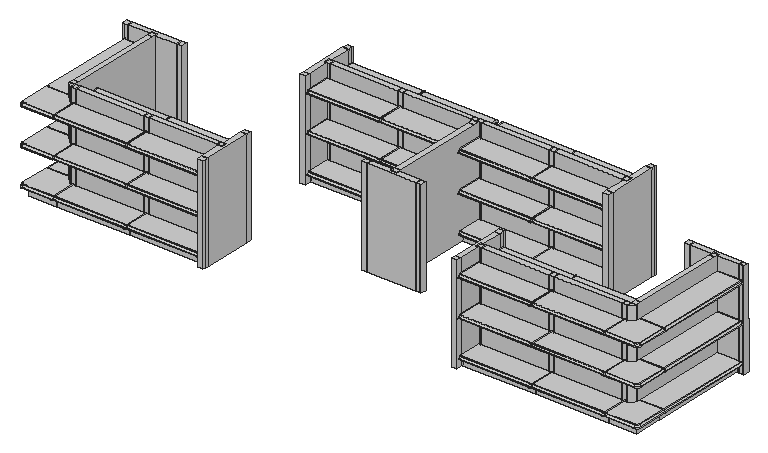
Revit family "QF_ConfigurationA", category Specialty Equipment, Revit 2012 (continued)
Definition of nested family "TL1"
  Automatic sketch dimensions
    Extrusion 13 sketch curve to plane 12 = 0' - 0"
    Extrusion 13 sketch curve to plane 11 "4th shelf" = 0' - 0"
    Extrusion 13 sketch curve to plane 5 = 0' - 0"
    plane 11 "4th shelf" to Extrusion 13 sketch curve = 0' - 0.10284"
    Extrusion 13 sketch curve to plane 12 = 0' - 0.86011"
    plane 12 to Extrusion 13 sketch curve = 0' - 0 1/4"
    plane 12 to Extrusion 13 sketch curve = 0' - 0 3/4"
    Extrusion 13 sketch curve to Extrusion 13 sketch curve = 0' - 0 5/8"
    Extrusion 13 sketch curve to Extrusion 13 sketch curve = 0' - 0 1/8"  (x2)
    Extrusion 13 sketch curve to plane 11 "4th shelf" = 0' - 0 1/8"
    Extrusion 13 sketch curve to Extrusion 13 sketch curve = 0' - 0 1/4"
    Extrusion 14 sketch curve to plane 12 = 0' - 0"
    Extrusion 14 sketch curve to plane 11 "4th shelf" = 0' - 0"
    Extrusion 14 sketch curve to plane 5 = 0' - 0"
    plane 11 "4th shelf" to Extrusion 14 sketch curve = 0' - 0.22784"
    Extrusion 14 sketch curve to plane 12 = 0' - 1.11011"
    plane 12 to Extrusion 14 sketch curve = 0' - 0 5/8"
    Extrusion 14 sketch curve to Extrusion 14 sketch curve = 0' - 0 1/8"  (x2)
    plane 12 to Extrusion 14 sketch curve = 0' - 0 7/8"
    Extrusion 14 sketch curve to Extrusion 14 sketch curve = 0' - 0 3/4"
    Extrusion 14 sketch curve to Extrusion 14 sketch curve = 0' - 0 1/4"  (x2)
    Extrusion 14 sketch curve to plane 11 "4th shelf" = 0' - 0 1/2"  (x3)
    Extrusion 14 sketch curve to Extrusion 14 sketch curve = 0' - 2"
    plane 5 to Extrusion 14 sketch curve = 0' - 1 1/8"
    Extrusion 14 sketch curve to Extrusion 14 sketch curve = 0' - 0"
    Extrusion 14 sketch curve to Extrusion 14 sketch curve = 0' - 2 1/4"
    Extrusion 15 sketch curve to plane 18 = 0' - 0"
    Extrusion 15 sketch curve to level = 0' - 0"
    Extrusion 15 sketch curve to plane 4 = 0' - 0"
    plane 18 to Extrusion 15 sketch curve = 0' - 0.84305"
    Extrusion 15 sketch curve to plane 18 = 0' - 0 1/8"
    Extrusion 15 sketch curve to plane 18 = 0' - 0.74861"
    Extrusion 15 sketch curve to Extrusion 15 sketch curve = 0' - 0.12639"
    Extrusion 15 sketch curve to Extrusion 15 sketch curve = 0' - 0"  (x2)
    Extrusion 15 sketch curve to plane 18 = 0' - 2 7/8"
    Extrusion 15 sketch curve to level = 0' - 4 1/8"
    Extrusion 15 sketch curve to Extrusion 15 sketch curve = 0' - 0 1/8"  (x3)
    Extrusion 15 sketch curve to Extrusion 15 sketch curve = 0' - 1"
    Extrusion 16 sketch curve to plane 18 = 0' - 0"
    Extrusion 16 sketch curve to plane 8 "1st shelf" = 0' - 0"
    Extrusion 16 sketch curve to plane 4 = 0' - 0"
    Extrusion 16 sketch curve to plane 8 "1st shelf" = 0' - 0.22784"
    plane 18 to Extrusion 16 sketch curve = 0' - 1.11011"
    Extrusion 16 sketch curve to plane 18 = 0' - 0 5/8"
    Extrusion 16 sketch curve to Extrusion 16 sketch curve = 0' - 0 1/8"  (x2)
    Extrusion 16 sketch curve to Extrusion 16 sketch curve = 0' - 0 7/8"
    Extrusion 16 sketch curve to Extrusion 16 sketch curve = 0' - 0 3/4"
    Extrusion 16 sketch curve to Extrusion 16 sketch curve = 0' - 0 1/4"  (x2)
    plane 8 "1st shelf" to Extrusion 16 sketch curve = 0' - 0 1/2"  (x2)
    Extrusion 16 sketch curve to Extrusion 16 sketch curve = 0' - 2"
    Extrusion 16 sketch curve to plane 4 = 0' - 1 1/8"
    Extrusion 16 sketch curve to Extrusion 16 sketch curve = 0' - 0"
    Extrusion 16 sketch curve to Extrusion 16 sketch curve = 0' - 2 1/4"
    plane 8 "1st shelf" to Extrusion 16 sketch curve = 0' - 0 5/8"
    Extrusion 17 sketch curve to plane 8 "1st shelf" = 0' - 0"
    Extrusion 17 sketch curve to plane 4 = 0' - 0"
    Extrusion 17 sketch curve to plane 18 = 0' - 0 7/8"  (x2)
    plane 8 "1st shelf" to Extrusion 17 sketch curve = 0' - 0 1/8"
    Extrusion 17 sketch curve to Extrusion 17 sketch curve = 0' - 0 1/8"  (x3)
    Extrusion 17 sketch curve to plane 18 = 0' - 0 1/4"
    Extrusion 17 sketch curve to plane 18 = 0' - 0 1/8"
    Extrusion 17 sketch curve to plane 8 "1st shelf" = 0' - 0.10284"
    plane 18 to Extrusion 17 sketch curve = 0' - 0.86011"
    Extrusion 18 sketch curve to plane 18 = 0' - 0"
    Extrusion 18 sketch curve to plane 8 "1st shelf" = 0' - 0"
    Extrusion 18 sketch curve to plane 4 = 0' - 0"
    plane 8 "1st shelf" to Extrusion 18 sketch curve = 0' - 0.22784"
    Extrusion 18 sketch curve to plane 18 = 0' - 1.11011"
    plane 18 to Extrusion 18 sketch curve = 0' - 0 5/8"
    Extrusion 18 sketch curve to Extrusion 18 sketch curve = 0' - 0 1/8"  (x2)
    Extrusion 18 sketch curve to Extrusion 18 sketch curve = 0' - 0 7/8"
    Extrusion 18 sketch curve to Extrusion 18 sketch curve = 0' - 0 3/4"
    Extrusion 18 sketch curve to Extrusion 18 sketch curve = 0' - 0 1/4"  (x2)
    Extrusion 18 sketch curve to plane 8 "1st shelf" = 0' - 0 1/2"  (x2)
    Extrusion 18 sketch curve to Extrusion 18 sketch curve = 0' - 2"
    plane 4 to Extrusion 18 sketch curve = 0' - 1 1/8"
    Extrusion 18 sketch curve to Extrusion 18 sketch curve = 0' - 0"
    Extrusion 18 sketch curve to Extrusion 18 sketch curve = 0' - 2 1/4"
    Extrusion 18 sketch curve to plane 8 "1st shelf" = 0' - 0 5/8"
    Extrusion 19 sketch curve to plane 18 = 0' - 0"
    Extrusion 19 sketch curve to plane 9 "2nd shelf" = 0' - 0"
    Extrusion 19 sketch curve to plane 4 = 0' - 0"
    Extrusion 19 sketch curve to plane 9 "2nd shelf" = 0' - 0.22784"
    plane 18 to Extrusion 19 sketch curve = 0' - 1.11011"
    Extrusion 19 sketch curve to plane 18 = 0' - 0 5/8"
    Extrusion 19 sketch curve to Extrusion 19 sketch curve = 0' - 0 1/8"  (x2)
    Extrusion 19 sketch curve to Extrusion 19 sketch curve = 0' - 0 7/8"
    Extrusion 19 sketch curve to Extrusion 19 sketch curve = 0' - 0 3/4"
    Extrusion 19 sketch curve to Extrusion 19 sketch curve = 0' - 0 1/4"  (x2)
    plane 9 "2nd shelf" to Extrusion 19 sketch curve = 0' - 0 1/2"  (x2)
    Extrusion 19 sketch curve to Extrusion 19 sketch curve = 0' - 2"
    Extrusion 19 sketch curve to plane 4 = 0' - 1 1/8"
    Extrusion 19 sketch curve to Extrusion 19 sketch curve = 0' - 0"
    Extrusion 19 sketch curve to Extrusion 19 sketch curve = 0' - 2 1/4"
    plane 9 "2nd shelf" to Extrusion 19 sketch curve = 0' - 0 5/8"
    Extrusion 20 sketch curve to plane 18 = 0' - 0"
    Extrusion 20 sketch curve to plane 9 "2nd shelf" = 0' - 0"
    Extrusion 20 sketch curve to plane 4 = 0' - 0"
    Extrusion 20 sketch curve to plane 9 "2nd shelf" = 0' - 0.10284"
    plane 18 to Extrusion 20 sketch curve = 0' - 0.86011"
    Extrusion 20 sketch curve to plane 18 = 0' - 0 1/4"
    Extrusion 20 sketch curve to plane 18 = 0' - 0 3/4"
    Extrusion 20 sketch curve to Extrusion 20 sketch curve = 0' - 0 5/8"
    Extrusion 20 sketch curve to Extrusion 20 sketch curve = 0' - 0 1/8"  (x2)
    plane 9 "2nd shelf" to Extrusion 20 sketch curve = 0' - 0 1/8"
    Extrusion 20 sketch curve to Extrusion 20 sketch curve = 0' - 0 1/4"
    Extrusion 21 sketch curve to plane 18 = 0' - 0"
    Extrusion 21 sketch curve to plane 9 "2nd shelf" = 0' - 0"
    Extrusion 21 sketch curve to plane 4 = 0' - 0"
    plane 9 "2nd shelf" to Extrusion 21 sketch curve = 0' - 0.22784"
    Extrusion 21 sketch curve to plane 18 = 0' - 1.11011"
    plane 18 to Extrusion 21 sketch curve = 0' - 0 5/8"
    Extrusion 21 sketch curve to Extrusion 21 sketch curve = 0' - 0 1/8"  (x2)
    Extrusion 21 sketch curve to Extrusion 21 sketch curve = 0' - 0 7/8"
    Extrusion 21 sketch curve to Extrusion 21 sketch curve = 0' - 0 3/4"
    Extrusion 21 sketch curve to Extrusion 21 sketch curve = 0' - 0 1/4"  (x2)
    Extrusion 21 sketch curve to plane 9 "2nd shelf" = 0' - 0 1/2"  (x2)
    Extrusion 21 sketch curve to Extrusion 21 sketch curve = 0' - 2"
    plane 4 to Extrusion 21 sketch curve = 0' - 1 1/8"
    Extrusion 21 sketch curve to Extrusion 21 sketch curve = 0' - 0"
    Extrusion 21 sketch curve to Extrusion 21 sketch curve = 0' - 2 1/4"
    Extrusion 21 sketch curve to plane 9 "2nd shelf" = 0' - 0 5/8"
    Extrusion 22 sketch curve to plane 18 = 0' - 0"
    Extrusion 22 sketch curve to plane 10 "3rd shelf" = 0' - 0"
    Extrusion 22 sketch curve to plane 4 = 0' - 0"
    Extrusion 22 sketch curve to plane 10 "3rd shelf" = 0' - 0.22784"
    plane 18 to Extrusion 22 sketch curve = 0' - 1.11011"
    Extrusion 22 sketch curve to plane 18 = 0' - 0 5/8"
    Extrusion 22 sketch curve to Extrusion 22 sketch curve = 0' - 0 1/8"  (x2)
    Extrusion 22 sketch curve to Extrusion 22 sketch curve = 0' - 0 7/8"
    Extrusion 22 sketch curve to Extrusion 22 sketch curve = 0' - 0 3/4"
    Extrusion 22 sketch curve to Extrusion 22 sketch curve = 0' - 0 1/4"  (x2)
    plane 10 "3rd shelf" to Extrusion 22 sketch curve = 0' - 0 1/2"  (x2)
    Extrusion 22 sketch curve to Extrusion 22 sketch curve = 0' - 2"
    Extrusion 22 sketch curve to plane 4 = 0' - 1 1/8"
    Extrusion 22 sketch curve to Extrusion 22 sketch curve = 0' - 0"
    Extrusion 22 sketch curve to Extrusion 22 sketch curve = 0' - 2 1/4"
    plane 10 "3rd shelf" to Extrusion 22 sketch curve = 0' - 0 5/8"
    Extrusion 23 sketch curve to plane 18 = 0' - 0"
    Extrusion 23 sketch curve to plane 10 "3rd shelf" = 0' - 0"
    Extrusion 23 sketch curve to plane 4 = 0' - 0"
    Extrusion 23 sketch curve to plane 10 "3rd shelf" = 0' - 0.10284"
    plane 18 to Extrusion 23 sketch curve = 0' - 0.86011"
    Extrusion 23 sketch curve to plane 18 = 0' - 0 1/4"
    Extrusion 23 sketch curve to plane 18 = 0' - 0 3/4"
    Extrusion 23 sketch curve to Extrusion 23 sketch curve = 0' - 0 5/8"
    Extrusion 23 sketch curve to Extrusion 23 sketch curve = 0' - 0 1/8"  (x2)
    plane 10 "3rd shelf" to Extrusion 23 sketch curve = 0' - 0 1/8"
    Extrusion 23 sketch curve to Extrusion 23 sketch curve = 0' - 0 1/4"
    Extrusion 24 sketch curve to plane 18 = 0' - 0"
    Extrusion 24 sketch curve to plane 10 "3rd shelf" = 0' - 0"
    Extrusion 24 sketch curve to plane 4 = 0' - 0"
    plane 10 "3rd shelf" to Extrusion 24 sketch curve = 0' - 0.22784"
    Extrusion 24 sketch curve to plane 18 = 0' - 1.11011"
    plane 18 to Extrusion 24 sketch curve = 0' - 0 5/8"
    Extrusion 24 sketch curve to Extrusion 24 sketch curve = 0' - 0 1/8"  (x2)
    Extrusion 24 sketch curve to Extrusion 24 sketch curve = 0' - 0 7/8"
    Extrusion 24 sketch curve to Extrusion 24 sketch curve = 0' - 0 3/4"
    Extrusion 24 sketch curve to Extrusion 24 sketch curve = 0' - 0 1/4"  (x2)
    Extrusion 24 sketch curve to plane 10 "3rd shelf" = 0' - 0 1/2"  (x2)
    Extrusion 24 sketch curve to Extrusion 24 sketch curve = 0' - 2"
    plane 4 to Extrusion 24 sketch curve = 0' - 1 1/8"
    Extrusion 24 sketch curve to Extrusion 24 sketch curve = 0' - 0"
    Extrusion 24 sketch curve to Extrusion 24 sketch curve = 0' - 2 1/4"
    Extrusion 24 sketch curve to plane 10 "3rd shelf" = 0' - 0 5/8"
    Extrusion 25 sketch curve to plane 18 = 0' - 0"
    Extrusion 25 sketch curve to plane 11 "4th shelf" = 0' - 0"
    Extrusion 25 sketch curve to plane 4 = 0' - 0"
    Extrusion 25 sketch curve to plane 11 "4th shelf" = 0' - 0.22784"
    plane 18 to Extrusion 25 sketch curve = 0' - 1.11011"
    Extrusion 25 sketch curve to plane 18 = 0' - 0 5/8"
    Extrusion 25 sketch curve to Extrusion 25 sketch curve = 0' - 0 1/8"  (x2)
    Extrusion 25 sketch curve to plane 18 = 0' - 0 7/8"
    Extrusion 25 sketch curve to Extrusion 25 sketch curve = 0' - 0 3/4"
    Extrusion 25 sketch curve to Extrusion 25 sketch curve = 0' - 0 1/4"  (x2)
    plane 11 "4th shelf" to Extrusion 25 sketch curve = 0' - 0 1/2"  (x2)
    Extrusion 25 sketch curve to Extrusion 25 sketch curve = 0' - 2"
    Extrusion 25 sketch curve to plane 4 = 0' - 1 1/8"
    Extrusion 25 sketch curve to Extrusion 25 sketch curve = 0' - 0"
    Extrusion 25 sketch curve to Extrusion 25 sketch curve = 0' - 2 1/4"
    plane 11 "4th shelf" to Extrusion 25 sketch curve = 0' - 0 5/8"
    Extrusion 26 sketch curve to plane 18 = 0' - 0"
    Extrusion 26 sketch curve to plane 11 "4th shelf" = 0' - 0"
    Extrusion 26 sketch curve to plane 4 = 0' - 0"
    Extrusion 26 sketch curve to plane 11 "4th shelf" = 0' - 0.10284"
    plane 18 to Extrusion 26 sketch curve = 0' - 0.86011"
    Extrusion 26 sketch curve to plane 18 = 0' - 0 1/4"
    Extrusion 26 sketch curve to plane 18 = 0' - 0 3/4"
    Extrusion 26 sketch curve to Extrusion 26 sketch curve = 0' - 0 5/8"
    Extrusion 26 sketch curve to Extrusion 26 sketch curve = 0' - 0 1/8"  (x2)
    plane 11 "4th shelf" to Extrusion 26 sketch curve = 0' - 0 1/8"
    Extrusion 26 sketch curve to Extrusion 26 sketch curve = 0' - 0 1/4"
    Extrusion 27 sketch curve to plane 18 = 0' - 0"
    Extrusion 27 sketch curve to plane 11 "4th shelf" = 0' - 0"
    Extrusion 27 sketch curve to plane 4 = 0' - 0"
    plane 11 "4th shelf" to Extrusion 27 sketch curve = 0' - 0.22784"
    Extrusion 27 sketch curve to plane 18 = 0' - 1.11011"
    plane 18 to Extrusion 27 sketch curve = 0' - 0 5/8"
    Extrusion 27 sketch curve to Extrusion 27 sketch curve = 0' - 0 1/8"  (x2)
    plane 18 to Extrusion 27 sketch curve = 0' - 0 7/8"
    Extrusion 27 sketch curve to Extrusion 27 sketch curve = 0' - 0 3/4"
    Extrusion 27 sketch curve to Extrusion 27 sketch curve = 0' - 0 1/4"  (x2)
    Extrusion 27 sketch curve to plane 11 "4th shelf" = 0' - 0 1/2"  (x2)
    Extrusion 27 sketch curve to Extrusion 27 sketch curve = 0' - 2"
    plane 4 to Extrusion 27 sketch curve = 0' - 1 1/8"
    Extrusion 27 sketch curve to Extrusion 27 sketch curve = 0' - 0"
    Extrusion 27 sketch curve to Extrusion 27 sketch curve = 0' - 2 1/4"
    Extrusion 27 sketch curve to plane 11 "4th shelf" = 0' - 0 5/8"
    Extrusion 1 sketch curve to level = 0' - 0"
    Extrusion 1 sketch curve to plane 6 = 0' - 0"  (x2)
    plane 13 to Extrusion 1 sketch curve = 0' - 0"
    plane 6 to Extrusion 1 sketch curve = 0' - 0"
    plane 14 to Extrusion 1 sketch curve = 0' - 0"
    plane 13 to Extrusion 1 sketch curve = 0' - 1 1/4"
    plane 15 to Extrusion 1 sketch curve = 0' - 1 1/8"  (x2)
    Extrusion 1 sketch curve to Extrusion 1 sketch curve = 0' - 0.0315"
    plane 16 to Extrusion 1 sketch curve = 0' - 1.15576"
    level to Extrusion 1 sketch curve = 0' - 0 1/32"  (x2)
    Extrusion 1 sketch curve to Extrusion 1 sketch curve = 0' - 0.03076"
    Extrusion 1 sketch curve to plane 14 = 0' - 1 1/4"
    Extrusion 1 to Split face 1 sketch curve = 0' - 0"
    Split face 1 sketch curve to Extrusion 1 = 0' - 0"  (x4)
    Extrusion 1 to Split face 2 sketch curve = 0' - 0"
    Split face 2 sketch curve to Extrusion 1 = 0' - 0"  (x4)
    radius of Extrusion 3 sketch curve = 0' - 0 1/8"  (x2)
    radius of Extrusion 5 sketch curve = 0' - 0 1/8"  (x2)
    radius of Extrusion 6 sketch curve = 0' - 0 1/8"  (x2)
    radius of Extrusion 8 sketch curve = 0' - 0 1/8"  (x2)
    radius of Extrusion 9 sketch curve = 0' - 0 1/8"  (x2)
    radius of Extrusion 11 sketch curve = 0' - 0 1/8"  (x2)
    radius of Extrusion 12 sketch curve = 0' - 0 1/8"  (x2)
    radius of Extrusion 14 sketch curve = 0' - 0 1/8"  (x2)
    radius of Extrusion 16 sketch curve = 0' - 0 1/8"  (x2)
    radius of Extrusion 18 sketch curve = 0' - 0 1/8"  (x2)
    radius of Extrusion 19 sketch curve = 0' - 0 1/8"  (x2)
    radius of Extrusion 21 sketch curve = 0' - 0 1/8"  (x2)
    radius of Extrusion 22 sketch curve = 0' - 0 1/8"  (x2)
    radius of Extrusion 24 sketch curve = 0' - 0 1/8"  (x2)
    radius of Extrusion 25 sketch curve = 0' - 0 1/8"  (x2)
    radius of Extrusion 27 sketch curve = 0' - 0 1/8"  (x2)
Definition of nested family "TL2"
  Parameters (values of type "Maxi Line Add-On (Default)")
    Width = 3' - 0"
    "Front" Base Shelf [instance] = yes
    "Front" Shelf 2' [instance] = yes
    "Front" Shelf 3' - 6" [instance] = yes
    "Front" Shelf 5' [instance] = no
    "Front" Shelf 6' - 6" [instance] = no
    "Back" Base Shelf [instance] = yes
    "Back" Shelf 2' [instance] = yes
    "Back" Shelf 3' - 6" [instance] = yes
    "Front" Shelf Depth = 1' - 0"
    "Back" Shelf 5' [instance] = no
    "Back" Shelf Depth = 1' - 0"
    Upright Height = 4' - 0"
    "Back" Shelf 6' - 6" [instance] = no
  Reference planes (in)
    plane 1 "Center (Front/Back)": y = 0
    plane 2: z = 0
    plane 3 "Center (Left/Right)": x = 0
    plane 4: y = 1.375
    plane 5: y = -1.375
    plane 6: z = 48
    plane 7: z = 0
    plane 8 "1st shelf": z = 23.5
    plane 9 "2nd shelf": z = 41.5
    plane 10 "3rd shelf": z = 59.5
    plane 11 "4th shelf": z = 77.5
    plane 12: y = -14.25
    plane 13: x = -18
    plane 14: x = 18
    plane 15: x = -17.875
    plane 16: x = 17.875
    plane 17: z = 41.5
    plane 18: y = 14.25
    plane 19: y = 13.375
    plane 20: y = -13.375
  Forms (in)
    Extrusion 1, solid, material "Metal - Steel"
      sketch origin (-24, 1.375, 0) x (1, 0, 0) y (0, 0, 1)
        loop
          line (42, 0) -> (43.25, 0) -> (43.25, 48) -> (40.75, 48) -> (40.75, 0.03125) -> (40.71924, 0.03125) -> (40.71924, 48) -> (7.25, 48) -> (7.25, 0) -> (42, 0)
      from 0 to 2.75
    Extrusion 2, solid, material "Metal - Steel", visible <- ""Front" Base Shelf"
      sketch origin (0, 10, 0) x (0, 1, 0) y (0, 0, 1)
        loop
          line (-11.375, 0) -> (-11.375, 5.5) -> (-23.375, 5.5) -> (-23.50139, 5.5) -> (-23.50139, 5.375) -> (-23.375, 5.375)
          arc (-23.375, 5.375) -> (-23.63696, 4.73714) -> (-24.125, 4.25) r 1.75
          line (-24.125, 4.25) -> (-24.125, 4.375) -> (-24.25, 4.375) -> (-24.25, 4.25) -> (-24.25, 4.125) -> (-21.375, 4.125) -> (-21.375, 0) -> (-11.375, 0)
      from -18 to 18
    Extrusion 3, solid, material "Metal - Steel", visible <- ""Front" Shelf 2'"
      sketch origin (0, 0, 0) x (0, 1, 0) y (0, 0, 1)
        loop
          line (-1.375, 23.5) -> (-13.5, 23.5) -> (-13.625, 23.5)
          arc (-13.625, 23.5) -> (-13.83033, 22.87796) -> (-14.25, 22.375) r 1.75
          line (-14.25, 22.375) -> (-14.25, 22.125) -> (-13.375, 22.125) -> (-13.375, 22.375) -> (-12.625, 23) -> (-12.375, 23) -> (-12.375, 22.875) -> (-1.375, 20.75) -> (-1.375, 23.5)
        loop
          circle (-10.375, 23) r 0.125
        loop
          circle (-2.5, 23) r 0.125
      from -18 to -17.875
    Extrusion 4, solid, material "Metal - Steel", visible <- ""Front" Shelf 2'"
      sketch origin (0, 0, 0) x (0, 1, 0) y (0, 0, 1)
        loop
          line (-13.5, 23.5) -> (-13.5, 23.375) -> (-13.375, 23.375)
          arc (-13.375, 23.375) -> (-13.58033, 22.75296) -> (-14, 22.25) r 1.75
          line (-14, 22.25) -> (-14, 22.375) -> (-14.125, 22.375) -> (-14.125, 22.125) -> (-13.375, 22.125) -> (-1.375, 22.125) -> (-1.375, 23.5) -> (-13.5, 23.5)
      from -17.875 to 17.875
    Extrusion 5, solid, material "Metal - Steel", visible <- ""Front" Shelf 2'"
      sketch origin (0, 0, 0) x (0, 1, 0) y (0, 0, -1)
        loop
          line (-1.375, -23.5) -> (-1.375, -20.75) -> (-12.375, -22.875) -> (-12.375, -23) -> (-12.625, -23) -> (-13.375, -22.375) -> (-13.375, -22.125) -> (-14.25, -22.125) -> (-14.25, -22.375)
          arc (-14.25, -22.375) -> (-13.83033, -22.87796) -> (-13.625, -23.5) r 1.75
          line (-13.625, -23.5) -> (-13.5, -23.5) -> (-1.375, -23.5)
        loop
          circle (-10.375, -23) r 0.125
        loop
          circle (-2.5, -23) r 0.125
      from -18 to -17.875
    Extrusion 6, solid, material "Metal - Steel", visible <- ""Front" Shelf 3' - 6""
      sketch origin (0, 0, 18) x (0, 1, 0) y (0, 0, 1)
        loop
          line (-1.375, 23.5) -> (-13.5, 23.5) -> (-13.625, 23.5)
          arc (-13.625, 23.5) -> (-13.83033, 22.87796) -> (-14.25, 22.375) r 1.75
          line (-14.25, 22.375) -> (-14.25, 22.125) -> (-13.375, 22.125) -> (-13.375, 22.375) -> (-12.625, 23) -> (-12.375, 23) -> (-12.375, 22.875) -> (-1.375, 20.75) -> (-1.375, 23.5)
        loop
          circle (-10.375, 23) r 0.125
        loop
          circle (-2.5, 23) r 0.125
      from -18 to -17.875
    Extrusion 7, solid, material "Metal - Steel", visible <- ""Front" Shelf 3' - 6""
      sketch origin (0, 0, 18) x (0, 1, 0) y (0, 0, 1)
        loop
          line (-13.5, 23.5) -> (-13.5, 23.375) -> (-13.375, 23.375)
          arc (-13.375, 23.375) -> (-13.58033, 22.75296) -> (-14, 22.25) r 1.75
          line (-14, 22.25) -> (-14, 22.375) -> (-14.25, 22.375) -> (-14.25, 22.125) -> (-13.375, 22.125) -> (-1.375, 22.125) -> (-1.375, 23.5) -> (-13.5, 23.5)
      from -17.875 to 17.875
    Extrusion 8, solid, material "Metal - Steel", visible <- ""Front" Shelf 3' - 6""
      sketch origin (0, 0, 18) x (0, 1, 0) y (0, 0, -1)
        loop
          line (-1.375, -23.5) -> (-1.375, -20.75) -> (-12.375, -22.875) -> (-12.375, -23) -> (-12.625, -23) -> (-13.375, -22.375) -> (-13.375, -22.125) -> (-14.25, -22.125) -> (-14.25, -22.375)
          arc (-14.25, -22.375) -> (-13.83033, -22.87796) -> (-13.625, -23.5) r 1.75
          line (-13.625, -23.5) -> (-13.5, -23.5) -> (-1.375, -23.5)
        loop
          circle (-10.375, -23) r 0.125
        loop
          circle (-2.5, -23) r 0.125
      from -18 to -17.875
    Extrusion 9, solid, material "Metal - Steel", visible <- ""Front" Shelf 5'"
      sketch origin (0, 0, 36) x (0, 1, 0) y (0, 0, 1)
        loop
          line (-1.375, 23.5) -> (-13.5, 23.5) -> (-13.625, 23.5)
          arc (-13.625, 23.5) -> (-13.83033, 22.87796) -> (-14.25, 22.375) r 1.75
          line (-14.25, 22.375) -> (-14.25, 22.125) -> (-13.375, 22.125) -> (-13.375, 22.375) -> (-12.625, 23) -> (-12.375, 23) -> (-12.375, 22.875) -> (-1.375, 20.75) -> (-1.375, 23.5)
        loop
          circle (-10.375, 23) r 0.125
        loop
          circle (-2.5, 23) r 0.125
      from -18 to -17.875
    Extrusion 10, solid, material "Metal - Steel", visible <- ""Front" Shelf 5'"
      sketch origin (0, 0, 36) x (0, 1, 0) y (0, 0, 1)
        loop
          line (-13.5, 23.5) -> (-13.5, 23.375) -> (-13.375, 23.375)
          arc (-13.375, 23.375) -> (-13.58033, 22.75296) -> (-14, 22.25) r 1.75
          line (-14, 22.25) -> (-14, 22.375) -> (-14.25, 22.375) -> (-14.25, 22.125) -> (-13.375, 22.125) -> (-1.375, 22.125) -> (-1.375, 23.5) -> (-13.5, 23.5)
      from -17.875 to 17.875
    Extrusion 11, solid, material "Metal - Steel", visible <- ""Front" Shelf 5'"
      sketch origin (0, 0, 36) x (0, 1, 0) y (0, 0, -1)
        loop
          line (-1.375, -23.5) -> (-1.375, -20.75) -> (-12.375, -22.875) -> (-12.375, -23) -> (-12.625, -23) -> (-13.375, -22.375) -> (-13.375, -22.125) -> (-14.25, -22.125) -> (-14.25, -22.375)
          arc (-14.25, -22.375) -> (-13.83033, -22.87796) -> (-13.625, -23.5) r 1.75
          line (-13.625, -23.5) -> (-13.5, -23.5) -> (-1.375, -23.5)
        loop
          circle (-10.375, -23) r 0.125
        loop
          circle (-2.5, -23) r 0.125
      from -18 to -17.875
    Extrusion 12, solid, material "Metal - Steel", visible <- ""Front" Shelf 6' - 6""
      sketch origin (0, 0, 54) x (0, 1, 0) y (0, 0, 1)
        loop
          line (-1.375, 23.5) -> (-13.5, 23.5) -> (-13.625, 23.5)
          arc (-13.625, 23.5) -> (-13.83033, 22.87796) -> (-14.25, 22.375) r 1.75
          line (-14.25, 22.375) -> (-14.25, 22.125) -> (-13.375, 22.125) -> (-13.375, 22.375) -> (-12.625, 23) -> (-12.375, 23) -> (-12.375, 22.875) -> (-1.375, 20.75) -> (-1.375, 23.5)
        loop
          circle (-10.375, 23) r 0.125
        loop
          circle (-2.5, 23) r 0.125
      from -18 to -17.875
    Extrusion 13, solid, material "Metal - Steel", visible <- ""Front" Shelf 6' - 6""
      sketch origin (0, 0, 54) x (0, 1, 0) y (0, 0, 1)
        loop
          line (-13.5, 23.5) -> (-13.5, 23.375) -> (-13.375, 23.375)
          arc (-13.375, 23.375) -> (-13.58033, 22.75296) -> (-14, 22.25) r 1.75
          line (-14, 22.25) -> (-14, 22.375) -> (-14.25, 22.375) -> (-14.25, 22.125) -> (-13.375, 22.125) -> (-1.375, 22.125) -> (-1.375, 23.5) -> (-13.5, 23.5)
      from -17.875 to 17.875
    Extrusion 14, solid, material "Metal - Steel", visible <- ""Front" Shelf 6' - 6""
      sketch origin (0, 0, 54) x (0, 1, 0) y (0, 0, -1)
        loop
          line (-1.375, -23.5) -> (-1.375, -20.75) -> (-12.375, -22.875) -> (-12.375, -23) -> (-12.625, -23) -> (-13.375, -22.375) -> (-13.375, -22.125) -> (-14.25, -22.125) -> (-14.25, -22.375)
          arc (-14.25, -22.375) -> (-13.83033, -22.87796) -> (-13.625, -23.5) r 1.75
          line (-13.625, -23.5) -> (-13.5, -23.5) -> (-1.375, -23.5)
        loop
          circle (-10.375, -23) r 0.125
        loop
          circle (-2.5, -23) r 0.125
      from -18 to -17.875
    Extrusion 15, solid, material "Metal - Steel", visible <- ""Back" Base Shelf"
      sketch origin (0, -10, 0) x (0, -1, 0) y (0, 0, -1)
        loop
          line (-11.375, 0) -> (-21.375, 0) -> (-21.375, -4.125) -> (-24.25, -4.125) -> (-24.25, -4.25) -> (-24.25, -4.375) -> (-24.125, -4.375) -> (-24.125, -4.25)
          arc (-24.125, -4.25) -> (-23.63696, -4.73714) -> (-23.375, -5.375) r 1.75
          line (-23.375, -5.375) -> (-23.50139, -5.375) -> (-23.50139, -5.5) -> (-23.375, -5.5) -> (-11.375, -5.5) -> (-11.375, 0)
      from -18 to 18
    Extrusion 16, solid, material "Metal - Steel", visible <- ""Back" Shelf 2'"
      sketch origin (0, 0, 0) x (0, -1, 0) y (0, 0, -1)
        loop
          line (-1.375, -23.5) -> (-1.375, -20.75) -> (-12.375, -22.875) -> (-12.375, -23) -> (-12.625, -23) -> (-13.375, -22.375) -> (-13.375, -22.125) -> (-14.25, -22.125) -> (-14.25, -22.375)
          arc (-14.25, -22.375) -> (-13.83033, -22.87796) -> (-13.625, -23.5) r 1.75
          line (-13.625, -23.5) -> (-13.5, -23.5) -> (-1.375, -23.5)
        loop
          circle (-10.375, -23) r 0.125
        loop
          circle (-2.5, -23) r 0.125
      from -18 to -17.875
    Extrusion 17, solid, material "Metal - Steel", visible <- ""Back" Shelf 2'"
      sketch origin (0, 0, 0) x (0, -1, 0) y (0, 0, -1)
        loop
          line (-13.5, -23.5) -> (-1.375, -23.5) -> (-1.375, -22.125) -> (-13.375, -22.125) -> (-14.125, -22.125) -> (-14.125, -22.375) -> (-14, -22.375) -> (-14, -22.25)
          arc (-14, -22.25) -> (-13.58033, -22.75296) -> (-13.375, -23.375) r 1.75
          line (-13.375, -23.375) -> (-13.5, -23.375) -> (-13.5, -23.5)
      from -17.875 to 17.875
    Extrusion 18, solid, material "Metal - Steel", visible <- ""Back" Shelf 2'"
      sketch origin (0, 0, 0) x (0, -1, 0) y (0, 0, 1)
        loop
          line (-1.375, 23.5) -> (-13.5, 23.5) -> (-13.625, 23.5)
          arc (-13.625, 23.5) -> (-13.83033, 22.87796) -> (-14.25, 22.375) r 1.75
          line (-14.25, 22.375) -> (-14.25, 22.125) -> (-13.375, 22.125) -> (-13.375, 22.375) -> (-12.625, 23) -> (-12.375, 23) -> (-12.375, 22.875) -> (-1.375, 20.75) -> (-1.375, 23.5)
        loop
          circle (-10.375, 23) r 0.125
        loop
          circle (-2.5, 23) r 0.125
      from -18 to -17.875
    Extrusion 19, solid, material "Metal - Steel", visible <- ""Back" Shelf 3' - 6""
      sketch origin (0, 0, 18) x (0, -1, 0) y (0, 0, -1)
        loop
          line (-1.375, -23.5) -> (-1.375, -20.75) -> (-12.375, -22.875) -> (-12.375, -23) -> (-12.625, -23) -> (-13.375, -22.375) -> (-13.375, -22.125) -> (-14.25, -22.125) -> (-14.25, -22.375)
          arc (-14.25, -22.375) -> (-13.83033, -22.87796) -> (-13.625, -23.5) r 1.75
          line (-13.625, -23.5) -> (-13.5, -23.5) -> (-1.375, -23.5)
        loop
          circle (-10.375, -23) r 0.125
        loop
          circle (-2.5, -23) r 0.125
      from -18 to -17.875
    Extrusion 20, solid, material "Metal - Steel", visible <- ""Back" Shelf 3' - 6""
      sketch origin (0, 0, 18) x (0, -1, 0) y (0, 0, -1)
        loop
          line (-13.5, -23.5) -> (-1.375, -23.5) -> (-1.375, -22.125) -> (-13.375, -22.125) -> (-14.25, -22.125) -> (-14.25, -22.375) -> (-14, -22.375) -> (-14, -22.25)
          arc (-14, -22.25) -> (-13.58033, -22.75296) -> (-13.375, -23.375) r 1.75
          line (-13.375, -23.375) -> (-13.5, -23.375) -> (-13.5, -23.5)
      from -17.875 to 17.875
    Extrusion 21, solid, material "Metal - Steel", visible <- ""Back" Shelf 3' - 6""
      sketch origin (0, 0, 18) x (0, -1, 0) y (0, 0, 1)
        loop
          line (-1.375, 23.5) -> (-13.5, 23.5) -> (-13.625, 23.5)
          arc (-13.625, 23.5) -> (-13.83033, 22.87796) -> (-14.25, 22.375) r 1.75
          line (-14.25, 22.375) -> (-14.25, 22.125) -> (-13.375, 22.125) -> (-13.375, 22.375) -> (-12.625, 23) -> (-12.375, 23) -> (-12.375, 22.875) -> (-1.375, 20.75) -> (-1.375, 23.5)
        loop
          circle (-10.375, 23) r 0.125
        loop
          circle (-2.5, 23) r 0.125
      from -18 to -17.875
    Extrusion 22, solid, material "Metal - Steel", visible <- ""Back" Shelf 5'"
      sketch origin (0, 0, 36) x (0, -1, 0) y (0, 0, -1)
        loop
          line (-1.375, -23.5) -> (-1.375, -20.75) -> (-12.375, -22.875) -> (-12.375, -23) -> (-12.625, -23) -> (-13.375, -22.375) -> (-13.375, -22.125) -> (-14.25, -22.125) -> (-14.25, -22.375)
          arc (-14.25, -22.375) -> (-13.83033, -22.87796) -> (-13.625, -23.5) r 1.75
          line (-13.625, -23.5) -> (-13.5, -23.5) -> (-1.375, -23.5)
        loop
          circle (-10.375, -23) r 0.125
        loop
          circle (-2.5, -23) r 0.125
      from -18 to -17.875
    Extrusion 23, solid, material "Metal - Steel", visible <- ""Back" Shelf 5'"
      sketch origin (0, 0, 36) x (0, -1, 0) y (0, 0, -1)
        loop
          line (-13.5, -23.5) -> (-1.375, -23.5) -> (-1.375, -22.125) -> (-13.375, -22.125) -> (-14.25, -22.125) -> (-14.25, -22.375) -> (-14, -22.375) -> (-14, -22.25)
          arc (-14, -22.25) -> (-13.58033, -22.75296) -> (-13.375, -23.375) r 1.75
          line (-13.375, -23.375) -> (-13.5, -23.375) -> (-13.5, -23.5)
      from -17.875 to 17.875
    Extrusion 24, solid, material "Metal - Steel", visible <- ""Back" Shelf 5'"
      sketch origin (0, 0, 36) x (0, -1, 0) y (0, 0, 1)
        loop
          line (-1.375, 23.5) -> (-13.5, 23.5) -> (-13.625, 23.5)
          arc (-13.625, 23.5) -> (-13.83033, 22.87796) -> (-14.25, 22.375) r 1.75
          line (-14.25, 22.375) -> (-14.25, 22.125) -> (-13.375, 22.125) -> (-13.375, 22.375) -> (-12.625, 23) -> (-12.375, 23) -> (-12.375, 22.875) -> (-1.375, 20.75) -> (-1.375, 23.5)
        loop
          circle (-10.375, 23) r 0.125
        loop
          circle (-2.5, 23) r 0.125
      from -18 to -17.875
    Extrusion 25, solid, material "Metal - Steel", visible <- ""Back" Shelf 6' - 6""
      sketch origin (0, 0, 54) x (0, -1, 0) y (0, 0, -1)
        loop
          line (-1.375, -23.5) -> (-1.375, -20.75) -> (-12.375, -22.875) -> (-12.375, -23) -> (-12.625, -23) -> (-13.375, -22.375) -> (-13.375, -22.125) -> (-14.25, -22.125) -> (-14.25, -22.375)
          arc (-14.25, -22.375) -> (-13.83033, -22.87796) -> (-13.625, -23.5) r 1.75
          line (-13.625, -23.5) -> (-13.5, -23.5) -> (-1.375, -23.5)
        loop
          circle (-10.375, -23) r 0.125
        loop
          circle (-2.5, -23) r 0.125
      from -18 to -17.875
    Extrusion 26, solid, material "Metal - Steel", visible <- ""Back" Shelf 6' - 6""
      sketch origin (0, 0, 54) x (0, -1, 0) y (0, 0, -1)
        loop
          line (-13.5, -23.5) -> (-1.375, -23.5) -> (-1.375, -22.125) -> (-13.375, -22.125) -> (-14.25, -22.125) -> (-14.25, -22.375) -> (-14, -22.375) -> (-14, -22.25)
          arc (-14, -22.25) -> (-13.58033, -22.75296) -> (-13.375, -23.375) r 1.75
          line (-13.375, -23.375) -> (-13.5, -23.375) -> (-13.5, -23.5)
      from -17.875 to 17.875
    Extrusion 27, solid, material "Metal - Steel", visible <- ""Back" Shelf 6' - 6""
      sketch origin (0, 0, 54) x (0, -1, 0) y (0, 0, 1)
        loop
          line (-1.375, 23.5) -> (-13.5, 23.5) -> (-13.625, 23.5)
          arc (-13.625, 23.5) -> (-13.83033, 22.87796) -> (-14.25, 22.375) r 1.75
          line (-14.25, 22.375) -> (-14.25, 22.125) -> (-13.375, 22.125) -> (-13.375, 22.375) -> (-12.625, 23) -> (-12.375, 23) -> (-12.375, 22.875) -> (-1.375, 20.75) -> (-1.375, 23.5)
        loop
          circle (-10.375, 23) r 0.125
        loop
          circle (-2.5, 23) r 0.125
      from -18 to -17.875
  Lines and regions (in)
    Split face 1
      outline origin (-24, -1.375, 0) x (1, 0, 0) y (0, 0, 1)
        loop
          line (40.71924, 48) -> (40.71924, 0.03125) -> (7.25, 0.03125) -> (7.25, 48)
    Split face 2
      outline origin (-24, 1.375, 0) x (1, 0, 0) y (0, 0, 1)
        loop
          line (40.71924, 48) -> (40.71924, 0.03125) -> (7.25, 0.03125) -> (7.25, 48)
    reference lines
      curve 1: line (-16.75, 0, 23.5) -> (16.71875, 0, 23.5)
      curve 2: line (-16.75, 0, 59.5) -> (16.71875, 0, 59.5)
      curve 3: line (16.71875, 0, 77.5) -> (-16.71875, 0, 77.5)
  Dimensions and locks (in)
    "Upright Height": plane 6 to level
    ""Front" Shelf Depth": plane 20 to plane 5
    equal spacing: plane 13, plane 3 "Center (Left/Right)", plane 14
    "Width": plane 13 to plane 14
    locked: plane 13 to plane 15 at 0.125
    locked: plane 16 to plane 14 at 0.125
    ""Back" Shelf Depth": plane 4 to plane 19
    locked: plane 19 to plane 18 at 0.875
    locked: plane 20 to plane 12 at 0.875
    aligned and locked: level to plane 2
    aligned and locked: plane 12 to Extrusion 2
    aligned and locked: Extrusion 2 to plane 5
    aligned and locked: plane 13 to Extrusion 2
    aligned and locked: plane 14 to Extrusion 2
    aligned and locked: Extrusion 4 to Extrusion 5
    aligned and locked: Extrusion 3 to Extrusion 2
    aligned and locked: plane 15 to Extrusion 3
    aligned and locked: Extrusion 4 to Extrusion 3
    aligned and locked: Extrusion 5 to Extrusion 2
    aligned and locked: plane 16 to Extrusion 5
    aligned and locked: Extrusion 7 to Extrusion 8
    aligned and locked: Extrusion 7 to Extrusion 6
    aligned and locked: Extrusion 6 to Extrusion 3
    aligned and locked: Extrusion 8 to Extrusion 4
    aligned and locked: Extrusion 8 to Extrusion 2
    aligned and locked: Extrusion 2 to Extrusion 7
    aligned and locked: plane 15 to Extrusion 6
    aligned and locked: Extrusion 6 to Extrusion 2
    aligned and locked: Extrusion 10 to Extrusion 11
    aligned and locked: Extrusion 10 to Extrusion 9
    aligned and locked: Extrusion 9 to Extrusion 3
    aligned and locked: Extrusion 2 to Extrusion 10
    aligned and locked: Extrusion 11 to Extrusion 2
    aligned and locked: Extrusion 11 to Extrusion 4
    aligned and locked: Extrusion 9 to Extrusion 2
    aligned and locked: Extrusion 13 to Extrusion 14
    aligned and locked: Extrusion 13 to Extrusion 12
    aligned and locked: Extrusion 12 to Extrusion 2
    aligned and locked: Extrusion 12 to Extrusion 3
    aligned and locked: Extrusion 2 to Extrusion 13
    aligned and locked: Extrusion 14 to Extrusion 2
    aligned and locked: Extrusion 14 to Extrusion 4
    aligned and locked: Extrusion 15 to Extrusion 2
    aligned and locked: Extrusion 2 to Extrusion 15
    aligned and locked: plane 13 to Extrusion 15
    aligned and locked: Extrusion 18 to Extrusion 17
    aligned and locked: Extrusion 16 to Extrusion 17
    aligned and locked: Extrusion 15 to plane 18
    aligned and locked: plane 15 to Extrusion 16
    aligned and locked: Extrusion 18 to Extrusion 4
    aligned and locked: Extrusion 16 to Extrusion 2
    aligned and locked: Extrusion 21 to Extrusion 20
    aligned and locked: Extrusion 19 to Extrusion 20
    aligned and locked: Extrusion 15 to Extrusion 20
    aligned and locked: plane 15 to Extrusion 19
    aligned and locked: plane 13 to Extrusion 19
    aligned and locked: Extrusion 21 to plane 14
    aligned and locked: plane 16 to Extrusion 21
    aligned and locked: Extrusion 24 to Extrusion 23
    aligned and locked: Extrusion 22 to Extrusion 23
    aligned and locked: Extrusion 15 to Extrusion 23
    aligned and locked: plane 16 to Extrusion 24
    aligned and locked: Extrusion 24 to plane 14
    aligned and locked: plane 15 to Extrusion 22
    aligned and locked: plane 13 to Extrusion 22
    aligned and locked: Extrusion 27 to Extrusion 26
    aligned and locked: Extrusion 25 to Extrusion 26
    aligned and locked: Extrusion 15 to Extrusion 26
    aligned and locked: plane 13 to Extrusion 25
    aligned and locked: plane 15 to Extrusion 25
    aligned and locked: Extrusion 27 to plane 14
    aligned and locked: plane 16 to Extrusion 27
    aligned and locked: plane 19 to Extrusion 15
    aligned and locked: plane 20 to Extrusion 2
  Automatic sketch dimensions
    curve 2 to plane 10 "3rd shelf" = 0' - 0"
    curve 1 to plane 8 "1st shelf" = 0' - 0"
    curve 3 to plane 11 "4th shelf" = 0' - 0"
    plane 15 to curve 2 = 0' - 1 1/8"
    plane 15 to curve 1 = 0' - 1 1/8"
    plane 15 to curve 3 = 0' - 1 5/32"
    plane 16 to curve 3 = 0' - 1 5/32"
    plane 16 to curve 2 = 0' - 1 5/32"
    plane 16 to curve 1 = 0' - 1 5/32"
    Extrusion 2 sketch curve to plane 12 = 0' - 0"
    Extrusion 2 sketch curve to level = 0' - 0"
    Extrusion 2 sketch curve to plane 5 = 0' - 0"
    Extrusion 2 sketch curve to plane 12 = 0' - 0.84305"
    plane 12 to Extrusion 2 sketch curve = 0' - 0 1/8"
    plane 12 to Extrusion 2 sketch curve = 0' - 0.74861"
    Extrusion 2 sketch curve to Extrusion 2 sketch curve = 0' - 0.12639"
    Extrusion 2 sketch curve to Extrusion 2 sketch curve = 0' - 0"
    plane 12 to Extrusion 2 sketch curve = 0' - 2 7/8"
    level to Extrusion 2 sketch curve = 0' - 4 1/8"
    Extrusion 2 sketch curve to Extrusion 2 sketch curve = 0' - 0 1/8"  (x4)
    Extrusion 2 sketch curve to Extrusion 2 sketch curve = 0' - 1"
    Extrusion 3 sketch curve to plane 12 = 0' - 0"
    Extrusion 3 sketch curve to plane 8 "1st shelf" = 0' - 0"
    Extrusion 3 sketch curve to plane 5 = 0' - 0"
    plane 8 "1st shelf" to Extrusion 3 sketch curve = 0' - 0.22784"
    Extrusion 3 sketch curve to plane 12 = 0' - 1.11011"
    plane 12 to Extrusion 3 sketch curve = 0' - 0 5/8"
    Extrusion 3 sketch curve to Extrusion 3 sketch curve = 0' - 0 1/8"  (x2)
    plane 12 to Extrusion 3 sketch curve = 0' - 0 7/8"
    Extrusion 3 sketch curve to Extrusion 3 sketch curve = 0' - 0 3/4"
    Extrusion 3 sketch curve to Extrusion 3 sketch curve = 0' - 0 1/4"  (x2)
    Extrusion 3 sketch curve to plane 8 "1st shelf" = 0' - 0 1/2"  (x2)
    Extrusion 3 sketch curve to Extrusion 3 sketch curve = 0' - 2"
    plane 5 to Extrusion 3 sketch curve = 0' - 1 1/8"
    Extrusion 3 sketch curve to Extrusion 3 sketch curve = 0' - 0"
    Extrusion 3 sketch curve to Extrusion 3 sketch curve = 0' - 2 1/4"
    Extrusion 3 sketch curve to plane 8 "1st shelf" = 0' - 0 5/8"
    Extrusion 4 sketch curve to plane 8 "1st shelf" = 0' - 0"
    Extrusion 4 sketch curve to plane 5 = 0' - 0"
    plane 12 to Extrusion 4 sketch curve = 0' - 0 7/8"  (x2)
    Extrusion 4 sketch curve to plane 8 "1st shelf" = 0' - 0 1/8"
    Extrusion 4 sketch curve to Extrusion 4 sketch curve = 0' - 0 1/8"  (x3)
    plane 12 to Extrusion 4 sketch curve = 0' - 0 1/4"
    plane 12 to Extrusion 4 sketch curve = 0' - 0 1/8"
    plane 8 "1st shelf" to Extrusion 4 sketch curve = 0' - 0.10284"
    Extrusion 4 sketch curve to plane 12 = 0' - 0.86011"
    Extrusion 5 sketch curve to plane 12 = 0' - 0"
    Extrusion 5 sketch curve to plane 8 "1st shelf" = 0' - 0"
    Extrusion 5 sketch curve to plane 5 = 0' - 0"
    plane 8 "1st shelf" to Extrusion 5 sketch curve = 0' - 0.22784"
    Extrusion 5 sketch curve to plane 12 = 0' - 1.11011"
    plane 12 to Extrusion 5 sketch curve = 0' - 0 5/8"
    Extrusion 5 sketch curve to Extrusion 5 sketch curve = 0' - 0 1/8"  (x2)
    plane 12 to Extrusion 5 sketch curve = 0' - 0 7/8"
    Extrusion 5 sketch curve to Extrusion 5 sketch curve = 0' - 0 3/4"
    Extrusion 5 sketch curve to Extrusion 5 sketch curve = 0' - 0 1/4"  (x2)
    Extrusion 5 sketch curve to plane 8 "1st shelf" = 0' - 0 1/2"  (x3)
    Extrusion 5 sketch curve to Extrusion 5 sketch curve = 0' - 2"
    plane 5 to Extrusion 5 sketch curve = 0' - 1 1/8"
    Extrusion 5 sketch curve to Extrusion 5 sketch curve = 0' - 0"
    Extrusion 5 sketch curve to Extrusion 5 sketch curve = 0' - 2 1/4"
    Extrusion 6 sketch curve to plane 12 = 0' - 0"
    Extrusion 6 sketch curve to plane 9 "2nd shelf" = 0' - 0"
    Extrusion 6 sketch curve to plane 5 = 0' - 0"
    plane 9 "2nd shelf" to Extrusion 6 sketch curve = 0' - 0.22784"
    Extrusion 6 sketch curve to plane 12 = 0' - 1.11011"
    plane 12 to Extrusion 6 sketch curve = 0' - 0 5/8"
    Extrusion 6 sketch curve to Extrusion 6 sketch curve = 0' - 0 1/8"  (x2)
    plane 12 to Extrusion 6 sketch curve = 0' - 0 7/8"
    Extrusion 6 sketch curve to Extrusion 6 sketch curve = 0' - 0 3/4"
    Extrusion 6 sketch curve to Extrusion 6 sketch curve = 0' - 0 1/4"  (x2)
    Extrusion 6 sketch curve to plane 9 "2nd shelf" = 0' - 0 1/2"  (x2)
    Extrusion 6 sketch curve to Extrusion 6 sketch curve = 0' - 2"
    plane 5 to Extrusion 6 sketch curve = 0' - 1 1/8"
    Extrusion 6 sketch curve to Extrusion 6 sketch curve = 0' - 0"
    Extrusion 6 sketch curve to Extrusion 6 sketch curve = 0' - 2 1/4"
    Extrusion 6 sketch curve to plane 9 "2nd shelf" = 0' - 0 5/8"
    Extrusion 7 sketch curve to plane 12 = 0' - 0"
    Extrusion 7 sketch curve to plane 9 "2nd shelf" = 0' - 0"
    Extrusion 7 sketch curve to plane 5 = 0' - 0"
    plane 9 "2nd shelf" to Extrusion 7 sketch curve = 0' - 0.10284"
    Extrusion 7 sketch curve to plane 12 = 0' - 0.86011"
    plane 12 to Extrusion 7 sketch curve = 0' - 0 1/4"
    plane 12 to Extrusion 7 sketch curve = 0' - 0 3/4"
    Extrusion 7 sketch curve to Extrusion 7 sketch curve = 0' - 0 5/8"
    Extrusion 7 sketch curve to Extrusion 7 sketch curve = 0' - 0 1/8"  (x2)
    Extrusion 7 sketch curve to plane 9 "2nd shelf" = 0' - 0 1/8"
    Extrusion 7 sketch curve to Extrusion 7 sketch curve = 0' - 0 1/4"
    Extrusion 8 sketch curve to plane 12 = 0' - 0"
    Extrusion 8 sketch curve to plane 9 "2nd shelf" = 0' - 0"
    Extrusion 8 sketch curve to plane 5 = 0' - 0"
    plane 9 "2nd shelf" to Extrusion 8 sketch curve = 0' - 0.22784"
    Extrusion 8 sketch curve to plane 12 = 0' - 1.11011"
    plane 12 to Extrusion 8 sketch curve = 0' - 0 5/8"
    Extrusion 8 sketch curve to Extrusion 8 sketch curve = 0' - 0 1/8"  (x2)
    plane 12 to Extrusion 8 sketch curve = 0' - 0 7/8"
    Extrusion 8 sketch curve to Extrusion 8 sketch curve = 0' - 0 3/4"
    Extrusion 8 sketch curve to Extrusion 8 sketch curve = 0' - 0 1/4"  (x2)
    Extrusion 8 sketch curve to plane 9 "2nd shelf" = 0' - 0 1/2"  (x3)
    Extrusion 8 sketch curve to Extrusion 8 sketch curve = 0' - 2"
    plane 5 to Extrusion 8 sketch curve = 0' - 1 1/8"
    Extrusion 8 sketch curve to Extrusion 8 sketch curve = 0' - 0"
    Extrusion 8 sketch curve to Extrusion 8 sketch curve = 0' - 2 1/4"
    Extrusion 9 sketch curve to plane 12 = 0' - 0"
    Extrusion 9 sketch curve to plane 10 "3rd shelf" = 0' - 0"
    Extrusion 9 sketch curve to plane 5 = 0' - 0"
    plane 10 "3rd shelf" to Extrusion 9 sketch curve = 0' - 0.22784"
    Extrusion 9 sketch curve to plane 12 = 0' - 1.11011"
    plane 12 to Extrusion 9 sketch curve = 0' - 0 5/8"
    Extrusion 9 sketch curve to Extrusion 9 sketch curve = 0' - 0 1/8"  (x2)
    plane 12 to Extrusion 9 sketch curve = 0' - 0 7/8"
    Extrusion 9 sketch curve to Extrusion 9 sketch curve = 0' - 0 3/4"
    Extrusion 9 sketch curve to Extrusion 9 sketch curve = 0' - 0 1/4"  (x2)
    Extrusion 9 sketch curve to plane 10 "3rd shelf" = 0' - 0 1/2"  (x2)
    Extrusion 9 sketch curve to Extrusion 9 sketch curve = 0' - 2"
    plane 5 to Extrusion 9 sketch curve = 0' - 1 1/8"
    Extrusion 9 sketch curve to Extrusion 9 sketch curve = 0' - 0"
    Extrusion 9 sketch curve to Extrusion 9 sketch curve = 0' - 2 1/4"
    Extrusion 9 sketch curve to plane 10 "3rd shelf" = 0' - 0 5/8"
    Extrusion 10 sketch curve to plane 12 = 0' - 0"
    Extrusion 10 sketch curve to plane 10 "3rd shelf" = 0' - 0"
    Extrusion 10 sketch curve to plane 5 = 0' - 0"
    plane 10 "3rd shelf" to Extrusion 10 sketch curve = 0' - 0.10284"
    Extrusion 10 sketch curve to plane 12 = 0' - 0.86011"
    plane 12 to Extrusion 10 sketch curve = 0' - 0 1/4"
    plane 12 to Extrusion 10 sketch curve = 0' - 0 3/4"
    Extrusion 10 sketch curve to Extrusion 10 sketch curve = 0' - 0 5/8"
    Extrusion 10 sketch curve to Extrusion 10 sketch curve = 0' - 0 1/8"  (x2)
    Extrusion 10 sketch curve to plane 10 "3rd shelf" = 0' - 0 1/8"
    Extrusion 10 sketch curve to Extrusion 10 sketch curve = 0' - 0 1/4"
    Extrusion 11 sketch curve to plane 12 = 0' - 0"
    Extrusion 11 sketch curve to plane 10 "3rd shelf" = 0' - 0"
    Extrusion 11 sketch curve to plane 5 = 0' - 0"
    plane 10 "3rd shelf" to Extrusion 11 sketch curve = 0' - 0.22784"
    Extrusion 11 sketch curve to plane 12 = 0' - 1.11011"
    plane 12 to Extrusion 11 sketch curve = 0' - 0 5/8"
    Extrusion 11 sketch curve to Extrusion 11 sketch curve = 0' - 0 1/8"  (x2)
    plane 12 to Extrusion 11 sketch curve = 0' - 0 7/8"
    Extrusion 11 sketch curve to Extrusion 11 sketch curve = 0' - 0 3/4"
    Extrusion 11 sketch curve to Extrusion 11 sketch curve = 0' - 0 1/4"  (x2)
    Extrusion 11 sketch curve to plane 10 "3rd shelf" = 0' - 0 1/2"  (x3)
    Extrusion 11 sketch curve to Extrusion 11 sketch curve = 0' - 2"
    plane 5 to Extrusion 11 sketch curve = 0' - 1 1/8"
    Extrusion 11 sketch curve to Extrusion 11 sketch curve = 0' - 0"
    Extrusion 11 sketch curve to Extrusion 11 sketch curve = 0' - 2 1/4"
    Extrusion 12 sketch curve to plane 12 = 0' - 0"
    Extrusion 12 sketch curve to plane 11 "4th shelf" = 0' - 0"
    Extrusion 12 sketch curve to plane 5 = 0' - 0"
    plane 11 "4th shelf" to Extrusion 12 sketch curve = 0' - 0.22784"
    Extrusion 12 sketch curve to plane 12 = 0' - 1.11011"
    plane 12 to Extrusion 12 sketch curve = 0' - 0 5/8"
    Extrusion 12 sketch curve to Extrusion 12 sketch curve = 0' - 0 1/8"  (x2)
    plane 12 to Extrusion 12 sketch curve = 0' - 0 7/8"
    Extrusion 12 sketch curve to Extrusion 12 sketch curve = 0' - 0 3/4"
    Extrusion 12 sketch curve to Extrusion 12 sketch curve = 0' - 0 1/4"  (x2)
    Extrusion 12 sketch curve to plane 11 "4th shelf" = 0' - 0 1/2"  (x2)
    Extrusion 12 sketch curve to Extrusion 12 sketch curve = 0' - 2"
    plane 5 to Extrusion 12 sketch curve = 0' - 1 1/8"
    Extrusion 12 sketch curve to Extrusion 12 sketch curve = 0' - 0"
    Extrusion 12 sketch curve to Extrusion 12 sketch curve = 0' - 2 1/4"
    Extrusion 12 sketch curve to plane 11 "4th shelf" = 0' - 0 5/8"
    Extrusion 13 sketch curve to plane 12 = 0' - 0"
    Extrusion 13 sketch curve to plane 11 "4th shelf" = 0' - 0"
    Extrusion 13 sketch curve to plane 5 = 0' - 0"
    plane 11 "4th shelf" to Extrusion 13 sketch curve = 0' - 0.10284"
    Extrusion 13 sketch curve to plane 12 = 0' - 0.86011"
    plane 12 to Extrusion 13 sketch curve = 0' - 0 1/4"
    plane 12 to Extrusion 13 sketch curve = 0' - 0 3/4"
    Extrusion 13 sketch curve to Extrusion 13 sketch curve = 0' - 0 5/8"
    Extrusion 13 sketch curve to Extrusion 13 sketch curve = 0' - 0 1/8"  (x2)
    Extrusion 13 sketch curve to plane 11 "4th shelf" = 0' - 0 1/8"
    Extrusion 13 sketch curve to Extrusion 13 sketch curve = 0' - 0 1/4"
    Extrusion 14 sketch curve to plane 12 = 0' - 0"
    Extrusion 14 sketch curve to plane 11 "4th shelf" = 0' - 0"
    Extrusion 14 sketch curve to plane 5 = 0' - 0"
    plane 11 "4th shelf" to Extrusion 14 sketch curve = 0' - 0.22784"
    Extrusion 14 sketch curve to plane 12 = 0' - 1.11011"
    plane 12 to Extrusion 14 sketch curve = 0' - 0 5/8"
    Extrusion 14 sketch curve to Extrusion 14 sketch curve = 0' - 0 1/8"  (x2)
    plane 12 to Extrusion 14 sketch curve = 0' - 0 7/8"
    Extrusion 14 sketch curve to Extrusion 14 sketch curve = 0' - 0 3/4"
    Extrusion 14 sketch curve to Extrusion 14 sketch curve = 0' - 0 1/4"  (x2)
    Extrusion 14 sketch curve to plane 11 "4th shelf" = 0' - 0 1/2"  (x3)
    Extrusion 14 sketch curve to Extrusion 14 sketch curve = 0' - 2"
    plane 5 to Extrusion 14 sketch curve = 0' - 1 1/8"
    Extrusion 14 sketch curve to Extrusion 14 sketch curve = 0' - 0"
    Extrusion 14 sketch curve to Extrusion 14 sketch curve = 0' - 2 1/4"
    Extrusion 15 sketch curve to plane 18 = 0' - 0"
    Extrusion 15 sketch curve to level = 0' - 0"
    Extrusion 15 sketch curve to plane 4 = 0' - 0"
    plane 18 to Extrusion 15 sketch curve = 0' - 0.84305"
    Extrusion 15 sketch curve to plane 18 = 0' - 0 1/8"
    Extrusion 15 sketch curve to plane 18 = 0' - 0.74861"
    Extrusion 15 sketch curve to Extrusion 15 sketch curve = 0' - 0.12639"
    Extrusion 15 sketch curve to Extrusion 15 sketch curve = 0' - 0"  (x2)
    Extrusion 15 sketch curve to plane 18 = 0' - 2 7/8"
    Extrusion 15 sketch curve to level = 0' - 4 1/8"
    Extrusion 15 sketch curve to Extrusion 15 sketch curve = 0' - 0 1/8"  (x3)
    Extrusion 15 sketch curve to Extrusion 15 sketch curve = 0' - 1"
    Extrusion 16 sketch curve to plane 18 = 0' - 0"
    Extrusion 16 sketch curve to plane 8 "1st shelf" = 0' - 0"
    Extrusion 16 sketch curve to plane 4 = 0' - 0"
    Extrusion 16 sketch curve to plane 8 "1st shelf" = 0' - 0.22784"
    plane 18 to Extrusion 16 sketch curve = 0' - 1.11011"
    Extrusion 16 sketch curve to plane 18 = 0' - 0 5/8"
    Extrusion 16 sketch curve to Extrusion 16 sketch curve = 0' - 0 1/8"  (x2)
    Extrusion 16 sketch curve to Extrusion 16 sketch curve = 0' - 0 7/8"
    Extrusion 16 sketch curve to Extrusion 16 sketch curve = 0' - 0 3/4"
    Extrusion 16 sketch curve to Extrusion 16 sketch curve = 0' - 0 1/4"  (x2)
    plane 8 "1st shelf" to Extrusion 16 sketch curve = 0' - 0 1/2"  (x2)
    Extrusion 16 sketch curve to Extrusion 16 sketch curve = 0' - 2"
    Extrusion 16 sketch curve to plane 4 = 0' - 1 1/8"
    Extrusion 16 sketch curve to Extrusion 16 sketch curve = 0' - 0"
    Extrusion 16 sketch curve to Extrusion 16 sketch curve = 0' - 2 1/4"
    plane 8 "1st shelf" to Extrusion 16 sketch curve = 0' - 0 5/8"
    Extrusion 17 sketch curve to plane 8 "1st shelf" = 0' - 0"
    Extrusion 17 sketch curve to plane 4 = 0' - 0"
    Extrusion 17 sketch curve to plane 18 = 0' - 0 7/8"  (x2)
    plane 8 "1st shelf" to Extrusion 17 sketch curve = 0' - 0 1/8"
    Extrusion 17 sketch curve to Extrusion 17 sketch curve = 0' - 0 1/8"  (x3)
    Extrusion 17 sketch curve to plane 18 = 0' - 0 1/4"
    Extrusion 17 sketch curve to plane 18 = 0' - 0 1/8"
    Extrusion 17 sketch curve to plane 8 "1st shelf" = 0' - 0.10284"
    plane 18 to Extrusion 17 sketch curve = 0' - 0.86011"
    Extrusion 18 sketch curve to plane 18 = 0' - 0"
    Extrusion 18 sketch curve to plane 8 "1st shelf" = 0' - 0"
    Extrusion 18 sketch curve to plane 4 = 0' - 0"
    plane 8 "1st shelf" to Extrusion 18 sketch curve = 0' - 0.22784"
    Extrusion 18 sketch curve to plane 18 = 0' - 1.11011"
    plane 18 to Extrusion 18 sketch curve = 0' - 0 5/8"
    Extrusion 18 sketch curve to Extrusion 18 sketch curve = 0' - 0 1/8"  (x2)
    Extrusion 18 sketch curve to Extrusion 18 sketch curve = 0' - 0 7/8"
    Extrusion 18 sketch curve to Extrusion 18 sketch curve = 0' - 0 3/4"
    Extrusion 18 sketch curve to Extrusion 18 sketch curve = 0' - 0 1/4"  (x2)
    Extrusion 18 sketch curve to plane 8 "1st shelf" = 0' - 0 1/2"  (x2)
    Extrusion 18 sketch curve to Extrusion 18 sketch curve = 0' - 2"
    plane 4 to Extrusion 18 sketch curve = 0' - 1 1/8"
    Extrusion 18 sketch curve to Extrusion 18 sketch curve = 0' - 0"
    Extrusion 18 sketch curve to Extrusion 18 sketch curve = 0' - 2 1/4"
    Extrusion 18 sketch curve to plane 8 "1st shelf" = 0' - 0 5/8"
    Extrusion 19 sketch curve to plane 18 = 0' - 0"
    Extrusion 19 sketch curve to plane 9 "2nd shelf" = 0' - 0"
    Extrusion 19 sketch curve to plane 4 = 0' - 0"
    Extrusion 19 sketch curve to plane 9 "2nd shelf" = 0' - 0.22784"
    plane 18 to Extrusion 19 sketch curve = 0' - 1.11011"
    Extrusion 19 sketch curve to plane 18 = 0' - 0 5/8"
    Extrusion 19 sketch curve to Extrusion 19 sketch curve = 0' - 0 1/8"  (x2)
    Extrusion 19 sketch curve to Extrusion 19 sketch curve = 0' - 0 7/8"
    Extrusion 19 sketch curve to Extrusion 19 sketch curve = 0' - 0 3/4"
    Extrusion 19 sketch curve to Extrusion 19 sketch curve = 0' - 0 1/4"  (x2)
    plane 9 "2nd shelf" to Extrusion 19 sketch curve = 0' - 0 1/2"  (x2)
    Extrusion 19 sketch curve to Extrusion 19 sketch curve = 0' - 2"
    Extrusion 19 sketch curve to plane 4 = 0' - 1 1/8"
    Extrusion 19 sketch curve to Extrusion 19 sketch curve = 0' - 0"
    Extrusion 19 sketch curve to Extrusion 19 sketch curve = 0' - 2 1/4"
    plane 9 "2nd shelf" to Extrusion 19 sketch curve = 0' - 0 5/8"
    Extrusion 20 sketch curve to plane 18 = 0' - 0"
    Extrusion 20 sketch curve to plane 9 "2nd shelf" = 0' - 0"
    Extrusion 20 sketch curve to plane 4 = 0' - 0"
    Extrusion 20 sketch curve to plane 9 "2nd shelf" = 0' - 0.10284"
    plane 18 to Extrusion 20 sketch curve = 0' - 0.86011"
    Extrusion 20 sketch curve to plane 18 = 0' - 0 1/4"
    Extrusion 20 sketch curve to plane 18 = 0' - 0 3/4"
    Extrusion 20 sketch curve to Extrusion 20 sketch curve = 0' - 0 5/8"
    Extrusion 20 sketch curve to Extrusion 20 sketch curve = 0' - 0 1/8"  (x2)
    plane 9 "2nd shelf" to Extrusion 20 sketch curve = 0' - 0 1/8"
    Extrusion 20 sketch curve to Extrusion 20 sketch curve = 0' - 0 1/4"
    Extrusion 21 sketch curve to plane 18 = 0' - 0"
    Extrusion 21 sketch curve to plane 9 "2nd shelf" = 0' - 0"
    Extrusion 21 sketch curve to plane 4 = 0' - 0"
    plane 9 "2nd shelf" to Extrusion 21 sketch curve = 0' - 0.22784"
    Extrusion 21 sketch curve to plane 18 = 0' - 1.11011"
    plane 18 to Extrusion 21 sketch curve = 0' - 0 5/8"
    Extrusion 21 sketch curve to Extrusion 21 sketch curve = 0' - 0 1/8"  (x2)
    Extrusion 21 sketch curve to Extrusion 21 sketch curve = 0' - 0 7/8"
    Extrusion 21 sketch curve to Extrusion 21 sketch curve = 0' - 0 3/4"
    Extrusion 21 sketch curve to Extrusion 21 sketch curve = 0' - 0 1/4"  (x2)
    Extrusion 21 sketch curve to plane 9 "2nd shelf" = 0' - 0 1/2"  (x2)
    Extrusion 21 sketch curve to Extrusion 21 sketch curve = 0' - 2"
    plane 4 to Extrusion 21 sketch curve = 0' - 1 1/8"
    Extrusion 21 sketch curve to Extrusion 21 sketch curve = 0' - 0"
    Extrusion 21 sketch curve to Extrusion 21 sketch curve = 0' - 2 1/4"
    Extrusion 21 sketch curve to plane 9 "2nd shelf" = 0' - 0 5/8"
    Extrusion 22 sketch curve to plane 18 = 0' - 0"
    Extrusion 22 sketch curve to plane 10 "3rd shelf" = 0' - 0"
    Extrusion 22 sketch curve to plane 4 = 0' - 0"
    Extrusion 22 sketch curve to plane 10 "3rd shelf" = 0' - 0.22784"
